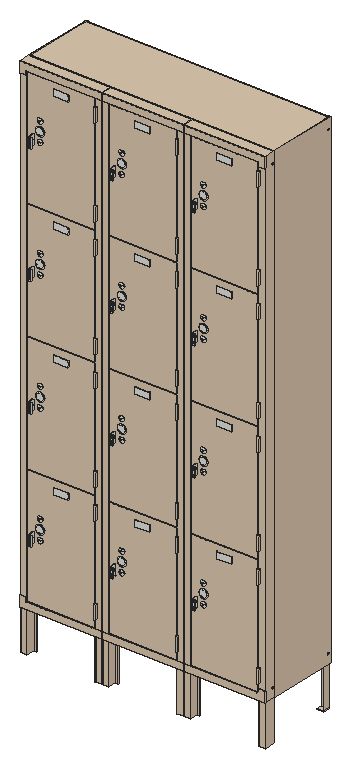
Revit family "Metal_Vented_Lockers-Salsbury_Industries-74000_Series-3_Wide_Units", category Specialty Equipment, Revit 2026 (continued)
Definition of nested family "Metal Locker Legs - 3 Wide"
  Types (6): name | Width | Visible | Type Comments | Description | Depth
    6" High - 45"W x 15"D | 45.040" | yes | "Standard Metal Locker Legs" | "45\"W x 6\" H x 15\"D" | 15.010"
    6" High - 45"W x 18"D | 45.040" | yes | "Standard Metal Locker Legs" | "45\"W x 6\" H x 18\"D" | 18.010"
    No Legs | 36.040" | no | "No Legs" | "" | 12.010"
  Reference planes (in)
    plane 1 "Center (Front/Back)": y = 0
    plane 2: z = 0
    plane 3 "Center (Left/Right)": x = 0
    plane 4 "Floor": z = 0
    plane 5 "Bottom of Unit": z = 6
    plane 6 "Left Side of Unit": x = -22.52
    plane 7 "Right Side of Unit": x = 22.52
    plane 8 "Back of Unit": y = 9.005
    plane 9 "Front of Unit": y = -9.005
    plane 10 "Right Side of Door Opening": x = 21.52
    plane 11 "Left Side of Door Opening": x = -21.52
    plane 12 "Top of back legs": z = 6.185
    plane 13 "Back Edge of Front Facing": y = -7.417
    plane 14 "Inside Edge of Front Leg": x = -21.08
    plane 15 "Inside Edge of Right Leg": x = 21.08
    plane 16: y = -7.82
    plane 17 "Back Edge of Rear Legs": y = 8.895
    plane 18 "Right Edge of Rear Right Leg": x = 22.4
    plane 19 "Left Edge or Rear Left Leg": x = -22.4
    plane 20: y = 7.895
    plane 21 "Inside Edge or Rear Right Leg": x = 21.4
    plane 22 "Inside Edge or Left Rear Leg": x = -21.4
    plane 23: x = 7.50667
    plane 24: x = -7.50667
  Forms (in)
    Extrusion 1, solid, material <- "Primary Structure Material", visible <- "Visible"
      sketch origin (0, 0, 0) x (0, -1, 0) y (1, 0, 0)
        loop
          line (7.417, 22.52) -> (7.417, 22.46) -> (8.945, 22.46) -> (8.945, 21.58) -> (7.76, 21.58) -> (7.76, 21.08) -> (7.82, 21.08) -> (7.82, 21.52) -> (9.005, 21.52) -> (9.005, 22.52) -> (7.417, 22.52)
      from 0 to 6
    Extrusion 2, solid, material <- "Primary Structure Material", visible <- "Visible"
      sketch origin (0, 0, 0) x (0, -1, 0) y (1, 0, 0)
        loop
          line (7.417, -22.52) -> (9.005, -22.52) -> (9.005, -21.52) -> (7.82, -21.52) -> (7.82, -21.08) -> (7.76, -21.08) -> (7.76, -21.58) -> (8.945, -21.58) -> (8.945, -22.46) -> (7.417, -22.46) -> (7.417, -22.52)
      from 0 to 6
    Extrusion 3, solid, material <- "Primary Structure Material", visible <- "Visible"
      sketch origin (0, 0, 0) x (0, -1, 0) y (1, 0, 0)
        loop
          line (-8.895, 22.4) -> (-8.895, 21.4) -> (-8.835, 21.4) -> (-8.835, 22.34) -> (-7.895, 22.34) -> (-7.895, 22.4) -> (-8.895, 22.4)
      from 0.06 to 6.185
    Extrusion 4, solid, material <- "Primary Structure Material", visible <- "Visible"
      sketch origin (0, 0, 0) x (0, -1, 0) y (1, 0, 0)
        loop
          line (-8.895, 22.4) -> (-8.895, 21.4) -> (-7.895, 21.4) -> (-7.895, 22.4) -> (-8.895, 22.4)
      from 0 to 0.06
    Extrusion 5, solid, material <- "Primary Structure Material", visible <- "Visible"
      sketch origin (0, 0, 0) x (0, -1, 0) y (1, 0, 0)
        loop
          line (-8.895, -22.4) -> (-7.895, -22.4) -> (-7.895, -22.34) -> (-8.835, -22.34) -> (-8.835, -21.4) -> (-8.895, -21.4) -> (-8.895, -22.4)
      from 0.06 to 6.185
    Extrusion 6, solid, material <- "Primary Structure Material", visible <- "Visible"
      sketch origin (0, 0, 0) x (0, -1, 0) y (1, 0, 0)
        loop
          line (-8.895, -22.4) -> (-7.895, -22.4) -> (-7.895, -21.4) -> (-8.895, -21.4) -> (-8.895, -22.4)
      from 0 to 0.06
    Extrusion 7, solid, material <- "Primary Structure Material", visible <- "Visible"
      sketch origin (12, 0, 0) x (0, -1, 0) y (1, 0, 0)
        loop
          line (7.417, -19.50667) -> (9.005, -19.50667) -> (9.005, -18.50667) -> (7.82, -18.50667) -> (7.82, -18.06667) -> (7.76, -18.06667) -> (7.76, -18.56667) -> (8.945, -18.56667) -> (8.945, -19.44667) -> (7.417, -19.44667) -> (7.417, -19.50667)
      from 0 to 6
    Extrusion 8, solid, material <- "Primary Structure Material", visible <- "Visible"
      sketch origin (24.04, 0, 0) x (0, -1, 0) y (1, 0, 0)
        loop
          line (7.417, -16.53333) -> (9.005, -16.53333) -> (9.005, -15.53333) -> (7.82, -15.53333) -> (7.82, -15.09333) -> (7.76, -15.09333) -> (7.76, -15.59333) -> (8.945, -15.59333) -> (8.945, -16.47333) -> (7.417, -16.47333) -> (7.417, -16.53333)
      from 0 to 6
    Extrusion 9, solid, material <- "Primary Structure Material", visible <- "Visible"
      sketch origin (-12, 0, 0) x (0, -1, 0) y (1, 0, 0)
        loop
          line (7.417, 19.50667) -> (7.417, 19.44667) -> (8.945, 19.44667) -> (8.945, 18.56667) -> (7.76, 18.56667) -> (7.76, 18.06667) -> (7.82, 18.06667) -> (7.82, 18.50667) -> (9.005, 18.50667) -> (9.005, 19.50667) -> (7.417, 19.50667)
      from 0 to 6
    Extrusion 10, solid, material <- "Primary Structure Material", visible <- "Visible"
      sketch origin (-24.04, 0, 0) x (0, -1, 0) y (1, 0, 0)
        loop
          line (7.417, 16.53333) -> (7.417, 16.47333) -> (8.945, 16.47333) -> (8.945, 15.59333) -> (7.76, 15.59333) -> (7.76, 15.09333) -> (7.82, 15.09333) -> (7.82, 15.53333) -> (9.005, 15.53333) -> (9.005, 16.53333) -> (7.417, 16.53333)
      from 0 to 6
  Dimensions and locks (in)
    equal spacing: plane 6 "Left Side of Unit", plane 3 "Center (Left/Right)", plane 7 "Right Side of Unit"
    "Width": plane 6 "Left Side of Unit" to plane 7 "Right Side of Unit"
    "Height": plane 5 "Bottom of Unit" to plane 4 "Floor"
    equal spacing: plane 9 "Front of Unit", plane 1 "Center (Front/Back)", plane 8 "Back of Unit"
    "Depth": plane 9 "Front of Unit" to plane 8 "Back of Unit"
    plane 12 "Top of back legs" to plane 5 "Bottom of Unit" = 0.185"
    plane 6 "Left Side of Unit" to plane 11 "Left Side of Door Opening" = 1.000"
    plane 10 "Right Side of Door Opening" to plane 7 "Right Side of Unit" = 1.000"
    locked: plane 9 "Front of Unit" to plane 13 "Back Edge of Front Facing" at 1.588
    plane 11 "Left Side of Door Opening" to plane 14 "Inside Edge of Front Leg" = 0.440"
    plane 15 "Inside Edge of Right Leg" to plane 10 "Right Side of Door Opening" = 0.440"
    plane 9 "Front of Unit" to plane 16 = 1.185"
    plane 15 "Inside Edge of Right Leg" to plane 21 "Inside Edge or Rear Right Leg" to plane 10 "Right Side of Door Opening" to plane 18 "Right Edge of Rear Right Leg" to plane 7 "Right Side of Unit" = 0.320", 0.120", 0.880", 0.120"
    plane 6 "Left Side of Unit" to plane 19 "Left Edge or Rear Left Leg" to plane 11 "Left Side of Door Opening" to plane 22 "Inside Edge or Left Rear Leg" to plane 14 "Inside Edge of Front Leg" = 0.120", 0.880", 0.120", 0.320"
    plane 20 to plane 17 "Back Edge of Rear Legs" to plane 8 "Back of Unit" = 1.000", 0.110"
    equal spacing: plane 6 "Left Side of Unit", plane 24, plane 23, plane 7 "Right Side of Unit"
    aligned and locked: level to plane 2
    aligned and locked: Extrusion 3 to Extrusion 4
    aligned and locked: Extrusion 6 to Extrusion 5
    aligned and locked: Extrusion 3 to plane 18 "Right Edge of Rear Right Leg"
    aligned and locked: Extrusion 3 to plane 17 "Back Edge of Rear Legs"
    aligned and locked: Extrusion 5 to plane 19 "Left Edge or Rear Left Leg"
    aligned and locked: plane 17 "Back Edge of Rear Legs" to Extrusion 5
    aligned and locked: plane 5 "Bottom of Unit" to Extrusion 2
    aligned and locked: Extrusion 1 to plane 5 "Bottom of Unit"
    aligned and locked: Extrusion 3 to plane 12 "Top of back legs"
    aligned and locked: plane 12 "Top of back legs" to Extrusion 5
  Automatic sketch dimensions
    plane 13 "Back Edge of Front Facing" to Extrusion 1 sketch curve = 0.000"
    Extrusion 1 sketch curve to plane 15 "Inside Edge of Right Leg" = 0.000"
    plane 16 to Extrusion 1 sketch curve = 0.000"
    Extrusion 1 sketch curve to plane 7 "Right Side of Unit" = 0.000"
    plane 9 "Front of Unit" to Extrusion 1 sketch curve = 0.000"
    Extrusion 1 sketch curve to plane 10 "Right Side of Door Opening" = 0.000"
    Extrusion 1 sketch curve to plane 16 = 0.060"
    Extrusion 1 sketch curve to plane 9 "Front of Unit" = 0.060"
    Extrusion 1 sketch curve to plane 10 "Right Side of Door Opening" = 0.060"
    plane 7 "Right Side of Unit" to Extrusion 1 sketch curve = 0.060"
    Extrusion 2 sketch curve to plane 13 "Back Edge of Front Facing" = 0.000"
    Extrusion 2 sketch curve to plane 14 "Inside Edge of Front Leg" = 0.000"
    Extrusion 2 sketch curve to plane 16 = 0.000"
    Extrusion 2 sketch curve to plane 6 "Left Side of Unit" = 0.000"
    Extrusion 2 sketch curve to plane 9 "Front of Unit" = 0.000"
    Extrusion 2 sketch curve to plane 11 "Left Side of Door Opening" = 0.000"
    plane 16 to Extrusion 2 sketch curve = 0.060"
    plane 9 "Front of Unit" to Extrusion 2 sketch curve = 0.060"
    Extrusion 2 sketch curve to plane 11 "Left Side of Door Opening" = 0.060"
    plane 6 "Left Side of Unit" to Extrusion 2 sketch curve = 0.060"
    plane 17 "Back Edge of Rear Legs" to Extrusion 3 sketch curve = 0.000"
    Extrusion 3 sketch curve to plane 21 "Inside Edge or Rear Right Leg" = 0.000"
    Extrusion 3 sketch curve to plane 18 "Right Edge of Rear Right Leg" = 0.000"
    plane 20 to Extrusion 3 sketch curve = 0.000"
    plane 17 "Back Edge of Rear Legs" to Extrusion 3 sketch curve = 0.060"
    plane 18 "Right Edge of Rear Right Leg" to Extrusion 3 sketch curve = 0.060"
    plane 17 "Back Edge of Rear Legs" to Extrusion 4 sketch curve = 0.000"
    Extrusion 4 sketch curve to plane 18 "Right Edge of Rear Right Leg" = 0.000"
    plane 20 to Extrusion 4 sketch curve = 0.000"
    Extrusion 4 sketch curve to plane 21 "Inside Edge or Rear Right Leg" = 0.000"
    Extrusion 5 sketch curve to plane 17 "Back Edge of Rear Legs" = 0.000"
    Extrusion 5 sketch curve to plane 22 "Inside Edge or Left Rear Leg" = 0.000"
    Extrusion 5 sketch curve to plane 19 "Left Edge or Rear Left Leg" = 0.000"
    Extrusion 5 sketch curve to plane 20 = 0.000"
    Extrusion 5 sketch curve to plane 17 "Back Edge of Rear Legs" = 0.060"
    Extrusion 5 sketch curve to plane 19 "Left Edge or Rear Left Leg" = 0.060"
    Extrusion 6 sketch curve to plane 17 "Back Edge of Rear Legs" = 0.000"
    Extrusion 6 sketch curve to plane 19 "Left Edge or Rear Left Leg" = 0.000"
    Extrusion 6 sketch curve to plane 20 = 0.000"
    Extrusion 6 sketch curve to plane 22 "Inside Edge or Left Rear Leg" = 0.000"
    plane 13 "Back Edge of Front Facing" to Extrusion 7 sketch curve = 0.000"
    plane 16 to Extrusion 7 sketch curve = 0.000"
    plane 9 "Front of Unit" to Extrusion 7 sketch curve = 0.000"
    Extrusion 7 sketch curve to plane 24 = 0.000"
    plane 16 to Extrusion 7 sketch curve = 0.060"
    plane 9 "Front of Unit" to Extrusion 7 sketch curve = 0.060"
    plane 24 to Extrusion 7 sketch curve = 0.060"
    plane 24 to Extrusion 7 sketch curve = 0.940"
    Extrusion 7 sketch curve to Extrusion 7 sketch curve = 0.060"
    Extrusion 7 sketch curve to Extrusion 7 sketch curve = 0.440"
    plane 13 "Back Edge of Front Facing" to Extrusion 8 sketch curve = 0.000"
    plane 16 to Extrusion 8 sketch curve = 0.000"
    plane 9 "Front of Unit" to Extrusion 8 sketch curve = 0.000"
    Extrusion 8 sketch curve to plane 23 = 0.000"
    plane 16 to Extrusion 8 sketch curve = 0.060"
    plane 9 "Front of Unit" to Extrusion 8 sketch curve = 0.060"
    plane 23 to Extrusion 8 sketch curve = 0.060"
    plane 23 to Extrusion 8 sketch curve = 0.940"
    Extrusion 8 sketch curve to Extrusion 8 sketch curve = 0.060"
    Extrusion 8 sketch curve to Extrusion 8 sketch curve = 0.440"
    plane 13 "Back Edge of Front Facing" to Extrusion 9 sketch curve = 0.000"
    plane 16 to Extrusion 9 sketch curve = 0.000"
    plane 9 "Front of Unit" to Extrusion 9 sketch curve = 0.000"
    Extrusion 9 sketch curve to plane 23 = 0.000"
    Extrusion 9 sketch curve to plane 16 = 0.060"
    Extrusion 9 sketch curve to plane 9 "Front of Unit" = 0.060"
    plane 23 to Extrusion 9 sketch curve = 0.060"
    plane 23 to Extrusion 9 sketch curve = 0.940"
    Extrusion 9 sketch curve to Extrusion 9 sketch curve = 0.060"
    Extrusion 9 sketch curve to Extrusion 9 sketch curve = 0.440"
    plane 13 "Back Edge of Front Facing" to Extrusion 10 sketch curve = 0.000"
    plane 16 to Extrusion 10 sketch curve = 0.000"
    plane 9 "Front of Unit" to Extrusion 10 sketch curve = 0.000"
    Extrusion 10 sketch curve to plane 24 = 0.000"
    Extrusion 10 sketch curve to plane 16 = 0.060"
    Extrusion 10 sketch curve to plane 9 "Front of Unit" = 0.060"
    plane 24 to Extrusion 10 sketch curve = 0.060"
    plane 24 to Extrusion 10 sketch curve = 0.940"
    Extrusion 10 sketch curve to Extrusion 10 sketch curve = 0.060"
    Extrusion 10 sketch curve to Extrusion 10 sketch curve = 0.440"
Definition of nested family "Vented Metal Locker Doors-12 inch with Latch Hasps"
  Parameters (values of type "Four Tier Door - 6 foot")
    Width = 9.901"
    Visible = yes
    Vent Array Spacing = 1.187"
    Vent Array 2 = if(Height = 17.360", 10, if(Height = 14.360", 8, if(Height = 11.532", 6, if(Height = 11.463", 6, 0))))  # 10
    Vent Array 1 = Vent Array 2  # 10
    Primary Structure Material = none
    Louver Set Vertical Alignment = 5.710"
    Number Plate Alignment = 0.9375"
    Louver Width = 4.000"
    Hinge 2 Placement = 14.142"
    Hinge 1 Placement = 1.125"
    Height = 17.360"
    Hasp Plate Rivet Material = none
    Hasp Height = 1.438"
    First Vent Placement = 2.875"
    Depth = 0.900"
    Default Elevation = 0.000"
  Types (4): name | Vent Array 2 | Vent Array 1 | Louver Set Vertical Alignment | Hinge 2 Placement | Height | First Vent Placement
    Six Tier Door - 6 foot | 6 | 6 | 2.731" | 8.449" | 11.532" | 2.3925"
    Five Tier Door - 5 foot | 6 | 6 | 2.826" | 8.188" | 11.463" | 2.3925"
    Four Tier Door - 6 foot | 10 | 10 | 5.710" | 14.142" | 17.360" | 2.875"
    Four Tier Door - 5 foot | 8 | 8 | 4.240" | 11.142" | 14.360" | 2.625"
  Reference planes (in)
    plane 1 "Center (Front/Back)": y = 0
    plane 2 "Bottom of Door": z = 0
    plane 3 "Center (Left/Right)": x = 0
    plane 4 "Center (Top/Bottom)": z = 8.68
    plane 5 "Top of Door": z = 17.36
    plane 6 "Right Side of Door": x = 4.9505
    plane 7 "Left Side of Door": x = -4.9505
    plane 8 "Front of Door": y = -0.45
    plane 9 "Back of Door": y = 0.45
    plane 10 "Top of Number Plate": z = 16.4225
    plane 11 "Top of Hasp Alignment": z = 9.399
    plane 12 "Bottom of Hasp Alignment": z = 7.961
    plane 13 "Left Side of Louvers": x = -2
    plane 14 "Right Side of Louvers": x = 2
    plane 15 "Front of Louvers": y = -0.6375
    plane 16: x = -1.094
    plane 17: x = 1.094
    plane 18: z = 15.4225
    plane 19 "Center Hasp": x = -1.7755
    plane 20 "Top of Hinge 2": z = 3.218
    plane 21 "Top of Hinge 1": z = 16.235
    plane 22 "Left Hasp Hole Align": x = -4.263
    plane 23 "Right Hasp Hole Align": x = -4.013
    plane 24 "Center Hasp Stud Align": z = 10.09841
    plane 25 "Top Hasp Stud Align": z = 11.51682
    plane 26 "Vertical Hasp Stud Align": x = -3.076
    plane 27 "Vertical Center Hasp Align": x = -4.13777
    plane 28: z = 2.875
    plane 29: z = 3.46558
    plane 30: z = 4.062
    plane 31: z = 4.65258
  Forms (in)
    Extrusion 1, solid, material <- "Primary Structure Material", visible <- "Visible"
      sketch origin (0, 0, 0) x (1, 0, 0) y (0, 0, 1)
        loop
          line (-4.9505, 17.36) -> (-4.9505, 0) -> (4.9505, 0) -> (4.9505, 17.36) -> (-4.9505, 17.36)
      from -0.45 to 0.45
    Extrusion 2, solid, material <- "Hasp Plate Rivet Material", visible <- "Visible", detail levels medium+fine
      sketch origin (0, -0.45, 0) x (1, 0, 0) y (0, 0, 1)
        loop
          arc (-1.06847, 16.38695) -> (-1.10166, 15.92421) -> (-1.06847, 15.46147) r 3.2426
          arc (-1.06847, 15.46147) -> (0, 15.42272) -> (1.06847, 15.46147) r 14.75
          arc (1.06847, 15.46147) -> (1.10166, 15.92421) -> (1.06847, 16.38695) r 3.2426
          arc (1.06847, 16.38695) -> (0, 16.41487) -> (-1.06847, 16.38695) r 20.45441
      from 0 to 0.03497
    Extrusion 3, void
      sketch origin (-1.7755, -0.13281, 0.04687) x (0, 0, -1) y (0, -1, 0)
        loop
          circle (-8.35677, -0.16411) r 0.2
      from -0.163 to 0.163
    Extrusion 4, solid, material <- "Primary Structure Material", visible <- "Visible", detail levels medium+fine
      sketch origin (0, 0, 16.235) x (0, -1, 0) y (1, 0, 0)
        loop
          line (0.45, 4.9505) -> (0.575, 4.9505)
          arc (0.575, 4.9505) -> (0.7, 5.0755) -> (0.575, 5.2005) r 0.125
          line (0.575, 5.2005) -> (0.45, 5.2005) -> (0.45, 4.9505)
      from 0 to -2
    Extrusion 5, solid, material <- "Primary Structure Material", visible <- "Visible", detail levels medium+fine
      sketch origin (0, 0, 3.218) x (0, -1, 0) y (1, 0, 0)
        loop
          line (0.45, 4.9505) -> (0.575, 4.9505)
          arc (0.575, 4.9505) -> (0.7, 5.0755) -> (0.575, 5.2005) r 0.125
          line (0.575, 5.2005) -> (0.45, 5.2005) -> (0.45, 4.9505)
      from 0 to -2
    Extrusion 6, void
      sketch origin (0, -0.45, 0) x (1, 0, 0) y (0, 0, 1)
        loop
          line (-4.263, 9.399) -> (-4.263, 7.961) -> (-4.013, 7.961) -> (-4.013, 9.399) -> (-4.263, 9.399)
      from -0.9 to 0
    Blend 7, solid, material <- "Hasp Plate Rivet Material", visible <- "Visible", detail levels fine
      base sketch origin (0, -0.45, 0) x (1, 0, 0) y (0, 0, 1)
        loop
          circle (-3.076, 8.68) r 0.375
      top sketch origin (0, -0.45, 0) x (1, 0, 0) y (0, 0, 1)
        loop
          circle (-3.076, 8.68) r 0.09706
      from 0 to 0.03497
    Blend 8, solid, material <- "Hasp Plate Rivet Material", visible <- "Visible", detail levels fine
      base sketch origin (0, -0.45, 2.83682) x (1, 0, 0) y (0, 0, 1)
        loop
          circle (-3.076, 8.68) r 0.375
      top sketch origin (0, -0.45, 2.83682) x (1, 0, 0) y (0, 0, 1)
        loop
          circle (-3.076, 8.68) r 0.09706
      from 0 to 0.03497
    Blend 9, solid, material <- "Hasp Plate Rivet Material", visible <- "Visible", detail levels fine
      base sketch origin (0, -0.45, -0.16841) x (1, 0, 0) y (0, 0, 1)
        loop
          circle (-3.076, 10.26682) r 0.625
      top sketch origin (0, -0.45, -0.16841) x (1, 0, 0) y (0, 0, 1)
        loop
          circle (-3.076, 10.26682) r 0.58088
      from 0 to 0.03497
    Extrusion 10, solid, material <- "Hasp Plate Rivet Material", visible <- "Visible", detail levels fine
      sketch origin (0, 0, 7.961) x (0, -1, 0) y (1, 0, 0)
        loop
          line (-0.45, -4.07527) -> (-0.45, -4.13777) -> (1.2, -4.13777)
          arc (1.2, -4.13777) -> (1.24419, -4.11946) -> (1.2625, -4.07527) r 0.0625
          line (1.2625, -4.07527) -> (1.2625, -3.76277) -> (1.20579, -3.76277) -> (1.20579, -4.0127)
          arc (1.20579, -4.0127) -> (1.18746, -4.05694) -> (1.14322, -4.07527) r 0.06257
          line (1.14322, -4.07527) -> (-0.45, -4.07527)
      from 0 to 1.438
    Extrusion 11, solid, material <- "Hasp Plate Rivet Material", visible <- "Visible", detail levels fine
      sketch origin (0, 0, 7.961) x (0, -1, 0) y (1, 0, 0)
        loop
          line (-0.45, -4.20027) -> (1.2625, -4.20027) -> (1.2625, -4.13777) -> (-0.45, -4.13777) -> (-0.45, -4.20027)
      from 0 to 1.438
    Extrusion 12, void
      sketch origin (-4.013, 0, 0) x (0, 0, -1) y (0, -1, 0)
        loop
          circle (-8.68, 0.82219) r 0.375
      from 0 to 0.25
  Cuts and joins
    Extrusion 3, Extrusion 6 cuts Extrusion 1
    Extrusion 12 cuts Extrusion 10
    Extrusion 12 cuts Extrusion 11
  Lines and regions (in)
    symbolic lines
      curve 1: line (-4.20027, -0.44719, 7.961) -> (-4.20027, -1.2625, 7.961)
      curve 2: line (-4.20027, -1.2625, 7.961) -> (-4.13777, -1.2625, 7.961)
      curve 3: line (-4.13777, -1.2625, 7.961) -> (-4.13777, -0.45, 7.961)
      curve 4: line (-4.07527, -0.44719, 7.961) -> (-4.07527, -1.14322, 7.961)
      curve 5: line (-4.0127, -1.20579, 7.961) -> (-3.76277, -1.20579, 7.961)
      curve 6: line (-3.76277, -1.20579, 7.961) -> (-3.76277, -1.2625, 7.961)
      curve 7: line (-3.76277, -1.2625, 7.961) -> (-4.07527, -1.2625, 7.961)
      curve 8: arc (-4.07527, -1.14322, 7.961) -> (-4.05694, -1.18746, 7.961) -> (-4.0127, -1.20579, 7.961) r 0.06257
      curve 9: arc (-4.07527, -1.2625, 7.961) -> (-4.11946, -1.24419, 7.961) -> (-4.13777, -1.2, 7.961) r 0.0625
      curve 10: line (-4.013, -0.45, 9.40058) -> (-4.013, -1.26256, 9.40058)
      curve 11: line (-4.013, -1.26256, 9.40058) -> (-4.013, -1.26256, 7.9612)
      curve 12: line (-4.013, -1.26256, 7.9612) -> (-4.013, -0.45309, 7.9612)
      curve 13: line (-4.263, -0.45, 9.399) -> (-4.20027, -0.45, 9.399)
      curve 14: line (-4.263, -0.45, 7.961) -> (-4.263, -0.45, 9.399)
      curve 15: line (-4.20027, -0.45, 7.961) -> (-4.263, -0.45, 7.961)
      curve 16: line (-4.20027, -0.45, 9.399) -> (-4.20027, -0.45, 7.961)
      curve 17: line (-4.20027, -0.45, 9.399) -> (-3.76277, -0.45, 9.399)
      curve 18: line (-4.20027, -0.45, 7.961) -> (-3.76277, -0.45, 7.961)
      curve 19: line (-3.76277, -0.45, 9.399) -> (-3.76277, -0.45, 7.961)
      curve 20: circle (-3.076, -0.45, 11.51682) r 0.371 normal (0, -1, 0)
      curve 21: circle (-3.076, -0.45, 8.68) r 0.375 normal (0, -1, 0)
      curve 22: circle (-3.076, -0.45, 10.09841) r 0.62368 normal (0, -1, 0)
      curve 23: line (-4.9505, -0.45, 17.36) -> (4.9505, -0.45, 17.36)
      curve 24: line (-4.9505, -0.45, 0) -> (-4.9505, -0.45, 17.36)
      curve 25: line (4.9505, -0.45, 0) -> (-4.9505, -0.45, 0)
      curve 26: line (4.9505, -0.45, 17.36) -> (4.9505, -0.45, 0)
  Dimensions and locks (in)
    equal spacing: plane 5 "Top of Door", plane 4 "Center (Top/Bottom)", plane 2 "Bottom of Door"
    "Height": plane 5 "Top of Door" to plane 2 "Bottom of Door"
    equal spacing: plane 8 "Front of Door", plane 1 "Center (Front/Back)", plane 9 "Back of Door"
    "Depth": plane 8 "Front of Door" to plane 9 "Back of Door"
    equal spacing: plane 7 "Left Side of Door", plane 3 "Center (Left/Right)", plane 6 "Right Side of Door"
    "Width": plane 7 "Left Side of Door" to plane 6 "Right Side of Door"
    "Number Plate Alignment": plane 5 "Top of Door" to plane 10 "Top of Number Plate" to plane 18
    equal spacing: plane 13 "Left Side of Louvers", plane 3 "Center (Left/Right)", plane 14 "Right Side of Louvers"
    "Louver Width": plane 13 "Left Side of Louvers" to plane 14 "Right Side of Louvers"
    plane 25 "Top Hasp Stud Align" to plane 24 "Center Hasp Stud Align" to plane 11 "Top of Hasp Alignment" to plane 4 "Center (Top/Bottom)" to plane 12 "Bottom of Hasp Alignment" = 1.41841", 0.69941", 0.719", 0.719"
    "Hasp Height": plane 11 "Top of Hasp Alignment" to plane 12 "Bottom of Hasp Alignment"
    locked: plane 15 "Front of Louvers" to plane 8 "Front of Door" at 0.1875
    plane 16 to plane 3 "Center (Left/Right)" to plane 17 = 1.094" locked, 1.094" locked
    "Hinge 1 Placement": plane 5 "Top of Door" to plane 21 "Top of Hinge 1"
    "Hinge 2 Placement": plane 5 "Top of Door" to plane 20 "Top of Hinge 2"
    plane 7 "Left Side of Door" to plane 22 "Left Hasp Hole Align" to plane 23 "Right Hasp Hole Align" to plane 26 "Vertical Hasp Stud Align" = 0.6875" locked, 0.250" locked, 0.937" locked
    equal spacing: group 1, group 2, group 3, group 4, group 5, group 6, group 13, group 14, group 15, group 16  (x3)
    equal spacing: group 7, group 8, group 9, group 10, group 11, group 12, group 17, group 18, group 19, group 20  (x3)
    "Vent Array Spacing": plane 30 to plane 28
    "First Vent Placement": plane 28 to plane 2 "Bottom of Door"
    "Vent Array Spacing": plane 31 to plane 29
    locked: plane 29 to plane 28 at 0.59058
    aligned and locked: level to plane 2 "Bottom of Door"
    aligned and locked: plane 5 "Top of Door" to Extrusion 1 sketch curve
    aligned and locked: Extrusion 1 sketch curve to plane 7 "Left Side of Door"
    aligned and locked: plane 2 "Bottom of Door" to Extrusion 1 sketch curve
    aligned and locked: plane 6 "Right Side of Door" to Extrusion 1 sketch curve
    aligned and locked: plane 11 "Top of Hasp Alignment" to Extrusion 6 sketch curve
    aligned and locked: Extrusion 6 sketch curve to plane 22 "Left Hasp Hole Align"
    aligned and locked: Extrusion 6 sketch curve to plane 12 "Bottom of Hasp Alignment"
    aligned and locked: plane 23 "Right Hasp Hole Align" to Extrusion 6 sketch curve
    aligned and locked: plane 25 "Top Hasp Stud Align" to Blend 8 sketch curve  (x2)
    aligned and locked: plane 4 "Center (Top/Bottom)" to Blend 7 sketch curve  (x2)
    aligned and locked: plane 24 "Center Hasp Stud Align" to Blend 9 sketch curve  (x2)
    aligned and locked: plane 27 "Vertical Center Hasp Align" to Extrusion 11 sketch curve
    aligned and locked: plane 27 "Vertical Center Hasp Align" to Extrusion 10 sketch curve
    aligned and locked: plane 4 "Center (Top/Bottom)" to Extrusion 12 sketch curve
    aligned and locked: plane 3 "Center (Left/Right)" to nested 1
    aligned and locked: plane 28 to nested 2
    aligned and locked: plane 29 to nested 1
    aligned and locked: plane 30 to nested 3
    aligned and locked: plane 31 to nested 8
    aligned and locked: curve 1 to cut or joined group of Extrusion 11, Extrusion 12
    aligned and locked: curve 2 to cut or joined group of Extrusion 11, Extrusion 12
    aligned and locked: curve 3 to cut or joined group of Extrusion 11, Extrusion 12
    aligned and locked: cut or joined group of Extrusion 10, Extrusion 12 to curve 4
    aligned and locked: curve 5 to cut or joined group of Extrusion 10, Extrusion 12
    aligned and locked: curve 6 to cut or joined group of Extrusion 10, Extrusion 12
    aligned and locked: curve 7 to cut or joined group of Extrusion 10, Extrusion 12
    aligned and locked: curve 10 to nested 12  (x2)
    aligned and locked: curve 13 to cut or joined group of Extrusion 1, Extrusion 3, Extrusion 6
    aligned and locked: curve 14 to cut or joined group of Extrusion 1, Extrusion 3, Extrusion 6
    aligned and locked: cut or joined group of Extrusion 11, Extrusion 12 to curve 15
    aligned and locked: curve 16 to cut or joined group of Extrusion 11, Extrusion 12
    aligned and locked: curve 13 to curve 17
    aligned and locked: curve 19 to cut or joined group of Extrusion 10, Extrusion 12
    aligned and locked: curve 23 to cut or joined group of Extrusion 1, Extrusion 3, Extrusion 6
    aligned and locked: curve 25 to cut or joined group of Extrusion 1, Extrusion 3, Extrusion 6
    aligned and locked: curve 26 to cut or joined group of Extrusion 1, Extrusion 3, Extrusion 6
  Automatic sketch dimensions
    Extrusion 2 sketch curve to plane 3 "Center (Left/Right)" = 0.000"  (x2)
    plane 13 "Left Side of Louvers" to Extrusion 2 sketch curve = 0.14094"
    Extrusion 2 sketch curve to plane 14 "Right Side of Louvers" = 0.14094"
    Extrusion 2 sketch curve to level = 4.03954"
    plane 21 "Top of Hinge 1" to Extrusion 2 sketch curve = 0.31079"  (x2)
    Extrusion 2 sketch curve to plane 5 "Top of Door" = 12.81272"
    Extrusion 2 sketch curve to plane 16 = 0.02553"  (x2)
    plane 17 to Extrusion 2 sketch curve = 0.02553"
    Extrusion 2 sketch curve to plane 18 = 0.03897"
    Extrusion 3 sketch curve to plane 1 "Center (Front/Back)" = 0.0313"
    Extrusion 4 sketch curve to plane 6 "Right Side of Door" = 0.000"
    plane 8 "Front of Door" to Extrusion 4 sketch curve = 0.000"
    Extrusion 4 sketch curve to plane 15 "Front of Louvers" = 0.0625"
    Extrusion 4 sketch curve to plane 6 "Right Side of Door" = 0.125"
    Extrusion 5 sketch curve to plane 6 "Right Side of Door" = 0.000"
    plane 8 "Front of Door" to Extrusion 5 sketch curve = 0.000"
    Extrusion 5 sketch curve to plane 15 "Front of Louvers" = 0.0625"
    Extrusion 5 sketch curve to plane 6 "Right Side of Door" = 0.125"
    plane 26 "Vertical Hasp Stud Align" to Blend 7 sketch curve = 0.000"  (x2)
    plane 26 "Vertical Hasp Stud Align" to Blend 8 sketch curve = 0.000"  (x2)
    plane 26 "Vertical Hasp Stud Align" to Blend 9 sketch curve = 0.000"  (x2)
    Extrusion 10 sketch curve to plane 1 "Center (Front/Back)" = 0.450"
    plane 23 "Right Hasp Hole Align" to Extrusion 10 sketch curve = 0.06227"
    Extrusion 10 sketch curve to plane 23 "Right Hasp Hole Align" = 0.0003"
    plane 15 "Front of Louvers" to Extrusion 10 sketch curve = 0.50572"
    Extrusion 10 sketch curve to Extrusion 10 sketch curve = 0.05678"
    Extrusion 10 sketch curve to Extrusion 10 sketch curve = 0.24993"
    plane 9 "Back of Door" to Extrusion 11 sketch curve = 0.000"
    plane 15 "Front of Louvers" to Extrusion 11 sketch curve = 0.625"
    Extrusion 11 sketch curve to plane 22 "Left Hasp Hole Align" = 0.06273"
    Extrusion 10 sketch curve to Extrusion 10 sketch curve = 0.06257"
    plane 15 "Front of Louvers" to Extrusion 12 sketch curve = 0.18469"
    plane 4 "Center (Top/Bottom)" to Extrusion 3 sketch curve = 0.27635"
    plane 8 "Front of Door" to curve 3 = 0.000"
    curve 8 to plane 23 "Right Hasp Hole Align" = 0.0003"
    curve 9 to curve 4 = 0.000"
    curve 1 to plane 8 "Front of Door" = 0.00281"
    curve 4 to plane 8 "Front of Door" = 0.00281"
    plane 15 "Front of Louvers" to curve 11 = 0.62506"
    curve 12 to plane 12 "Bottom of Hasp Alignment" = 0.0002"
    plane 8 "Front of Door" to curve 12 = 0.00309"
    plane 7 "Left Side of Door" to curve 24 = 0.000"
    curve 22 to plane 24 "Center Hasp Stud Align" = 0.000"
    plane 26 "Vertical Hasp Stud Align" to curve 22 = 0.000"
    curve 21 to plane 4 "Center (Top/Bottom)" = 0.000"
    plane 26 "Vertical Hasp Stud Align" to curve 21 = 0.000"
    curve 20 to plane 25 "Top Hasp Stud Align" = 0.000"
    plane 26 "Vertical Hasp Stud Align" to curve 20 = 0.000"
    radius of Extrusion 3 sketch curve = 0.200"
    radius of Blend 7 sketch curve = 0.375"
    radius of Blend 7 sketch curve = 0.09706"
    radius of Blend 8 sketch curve = 0.375"
    radius of Blend 8 sketch curve = 0.09706"
    radius of Blend 9 sketch curve = 0.625"
    radius of Blend 9 sketch curve = 0.58088"
    radius of Extrusion 12 sketch curve = 0.375"
    radius of curve 20 = 0.371"
    radius of curve 21 = 0.375"
    radius of curve 22 = 0.62368"
  Nested families (in)
    nested 1: "Vents - Horizontal 3" at (0, -0.45, -61.80738), type "Vents - Horizontal 3"
    nested 2: "Vents - Horizontal 2" at (2.6043, -0.45, -60.66388), type "Vents - Horizontal 2"
    nested 3: "Vents - Horizontal 2" at (2.6043, -0.45, -59.47688), type "Vents - Horizontal 2"
    nested 4: "Vents - Horizontal 2" at (2.6043, -0.45, -58.28988), type "Vents - Horizontal 2"
    nested 5: "Vents - Horizontal 2" at (2.6043, -0.45, -57.10288), type "Vents - Horizontal 2"
    nested 6: "Vents - Horizontal 2" at (2.6043, -0.45, -55.91588), type "Vents - Horizontal 2"
    nested 7: "Vents - Horizontal 2" at (2.6043, -0.45, -54.72888), type "Vents - Horizontal 2"
    nested 8: "Vents - Horizontal 3" at (0, -0.45, -60.62038), type "Vents - Horizontal 3"
    nested 9: "Vents - Horizontal 3" at (0, -0.45, -59.43338), type "Vents - Horizontal 3"
    nested 10: "Vents - Horizontal 3" at (0, -0.45, -58.24638), type "Vents - Horizontal 3"
    nested 11: "Vents - Horizontal 3" at (0, -0.45, -57.05938), type "Vents - Horizontal 3"
    nested 12: "Vents - Horizontal 3" at (0, -0.45, -55.87238), type "Vents - Horizontal 3"
    nested 13: "Vents - Horizontal 2" at (2.6043, -0.45, -53.54188), type "Vents - Horizontal 2"
    nested 14: "Vents - Horizontal 2" at (2.6043, -0.45, -52.35488), type "Vents - Horizontal 2"
    nested 15: "Vents - Horizontal 2" at (2.6043, -0.45, -51.16788), type "Vents - Horizontal 2"
    nested 16: "Vents - Horizontal 2" at (2.6043, -0.45, -49.98088), type "Vents - Horizontal 2"
    nested 17: "Vents - Horizontal 3" at (0, -0.45, -54.68538), type "Vents - Horizontal 3"
    nested 18: "Vents - Horizontal 3" at (0, -0.45, -53.49838), type "Vents - Horizontal 3"
    nested 19: "Vents - Horizontal 3" at (0, -0.45, -52.31138), type "Vents - Horizontal 3"
    nested 20: "Vents - Horizontal 3" at (0, -0.45, -51.12438), type "Vents - Horizontal 3"
  Definition of nested family "Vents - Horizontal 3"
    Parameters (values of type "Vents - Horizontal 3")
      Default Elevation = 0.000"
    Reference planes (in)
      plane 1 "Center (Front/Back)": y = 0
      plane 2: z = 0
      plane 3 "Center (Left/Right)": x = 0
    Lines and regions (in)
      model lines
        curve 1: spline (1.08625, 0, 65.3981) -> (1.05712, 0, 65.3804) -> (1.03269, 0, 65.36106) -> (1.01334, 0, 65.34039) -> (0.99936, 0, 65.31871) -> (0.99096, 0, 65.29635) -> (0.98829, 0, 65.27365) -> (0.99137, 0, 65.25097) -> (1.00016, 0, 65.22864) -> (1.01452, 0, 65.20702) -> (1.03424, 0, 65.18644) -> (1.05902, 0, 65.16721) -> (1.08846, 0, 65.14963)
        curve 2: line (1.08625, 0, 65.3981) -> (1.73835, 0, 65.64972)
        curve 3: line (1.08846, 0, 65.14963) -> (1.73762, 0, 64.89923)
        curve 4: spline (2.39008, 0, 65.39825) -> (2.41937, 0, 65.38053) -> (2.44394, 0, 65.36117) -> (2.46341, 0, 65.34048) -> (2.47747, 0, 65.31876) -> (2.48591, 0, 65.29637) -> (2.4886, 0, 65.27363) -> (2.4855, 0, 65.25091) -> (2.47665, 0, 65.22855) -> (2.46219, 0, 65.2069) -> (2.44234, 0, 65.18629) -> (2.41742, 0, 65.16704) -> (2.3878, 0, 65.14945)
        curve 5: line (2.39008, 0, 65.39825) -> (1.73835, 0, 65.64972)
        curve 6: line (2.3878, 0, 65.14945) -> (1.73762, 0, 64.89923)
        curve 13: spline (-0.65075, 0, 65.3981) -> (-0.67988, 0, 65.3804) -> (-0.70431, 0, 65.36106) -> (-0.72366, 0, 65.34039) -> (-0.73764, 0, 65.31871) -> (-0.74604, 0, 65.29635) -> (-0.74871, 0, 65.27365) -> (-0.74563, 0, 65.25097) -> (-0.73684, 0, 65.22864) -> (-0.72248, 0, 65.20702) -> (-0.70276, 0, 65.18644) -> (-0.67798, 0, 65.16721) -> (-0.64854, 0, 65.14963)
        curve 14: line (-0.65075, 0, 65.3981) -> (0.00135, 0, 65.64972)
        curve 15: line (-0.64854, 0, 65.14963) -> (0.00062, 0, 64.89923)
        curve 16: spline (0.65308, 0, 65.39825) -> (0.68237, 0, 65.38053) -> (0.70694, 0, 65.36117) -> (0.72641, 0, 65.34048) -> (0.74047, 0, 65.31876) -> (0.74891, 0, 65.29637) -> (0.7516, 0, 65.27363) -> (0.7485, 0, 65.25091) -> (0.73965, 0, 65.22855) -> (0.72519, 0, 65.2069) -> (0.70534, 0, 65.18629) -> (0.68042, 0, 65.16704) -> (0.6508, 0, 65.14945)
        curve 17: line (0.65308, 0, 65.39825) -> (0.00135, 0, 65.64972)
        curve 18: line (0.6508, 0, 65.14945) -> (0.00062, 0, 64.89923)
        curve 19: spline (-2.38775, 0, 65.3981) -> (-2.41688, 0, 65.3804) -> (-2.44131, 0, 65.36106) -> (-2.46066, 0, 65.34039) -> (-2.47464, 0, 65.31871) -> (-2.48304, 0, 65.29635) -> (-2.48571, 0, 65.27365) -> (-2.48263, 0, 65.25097) -> (-2.47384, 0, 65.22864) -> (-2.45948, 0, 65.20702) -> (-2.43976, 0, 65.18644) -> (-2.41498, 0, 65.16721) -> (-2.38554, 0, 65.14963)
        curve 20: line (-2.38775, 0, 65.3981) -> (-1.73565, 0, 65.64972)
        curve 21: line (-2.38554, 0, 65.14963) -> (-1.73638, 0, 64.89923)
        curve 22: spline (-1.08392, 0, 65.39825) -> (-1.05463, 0, 65.38053) -> (-1.03006, 0, 65.36117) -> (-1.01059, 0, 65.34048) -> (-0.99653, 0, 65.31876) -> (-0.98809, 0, 65.29637) -> (-0.9854, 0, 65.27363) -> (-0.9885, 0, 65.25091) -> (-0.99735, 0, 65.22855) -> (-1.01181, 0, 65.2069) -> (-1.03166, 0, 65.18629) -> (-1.05658, 0, 65.16704) -> (-1.0862, 0, 65.14945)
        curve 23: line (-1.08392, 0, 65.39825) -> (-1.73565, 0, 65.64972)
        curve 24: line (-1.0862, 0, 65.14945) -> (-1.73638, 0, 64.89923)
      model lines, not visible
        curve 7: spline (6.02, -6.45464, 72.16015) -> (6.02, -6.43694, 72.13102) -> (6.02, -6.4176, 72.10659) -> (6.02, -6.39694, 72.08724) -> (6.02, -6.37525, 72.07326) -> (6.02, -6.35289, 72.06486) -> (6.02, -6.33019, 72.06219) -> (6.02, -6.30751, 72.06527) -> (6.02, -6.28518, 72.07406) -> (6.02, -6.26356, 72.08842) -> (6.02, -6.24298, 72.10814) -> (6.02, -6.22375, 72.13292) -> (6.02, -6.20617, 72.16236)
        curve 8: line (6.02, -6.45464, 72.16015) -> (6.02, -6.70626, 72.81225)
        curve 9: line (6.02, -6.20617, 72.16236) -> (6.02, -5.95577, 72.81152)
        curve 10: spline (6.02, -6.45479, 73.46398) -> (6.02, -6.43707, 73.49327) -> (6.02, -6.41771, 73.51784) -> (6.02, -6.39702, 73.53731) -> (6.02, -6.3753, 73.55137) -> (6.02, -6.35291, 73.55981) -> (6.02, -6.33017, 73.5625) -> (6.02, -6.30745, 73.5594) -> (6.02, -6.28509, 73.55055) -> (6.02, -6.26344, 73.53609) -> (6.02, -6.24283, 73.51624) -> (6.02, -6.22359, 73.49132) -> (6.02, -6.20599, 73.4617)
        curve 11: line (6.02, -6.45479, 73.46398) -> (6.02, -6.70626, 72.81225)
        curve 12: line (6.02, -6.20599, 73.4617) -> (6.02, -5.95577, 72.81152)
      reference lines
        curve 25: line (-2.54644, 0, 65.27296) -> (2.54933, 0, 65.27296)
    Dimensions and locks (in)
      equal spacing: group 4, group 3, group 2  (x2)
      equal spacing: group 2, group 3, group 4
      aligned and locked: level to plane 2
  Definition of nested family "Vents - Horizontal 2"
    Parameters (values of type "Vents - Horizontal 2")
      Default Elevation = 0.000"
    Reference planes (in)
      plane 1 "Center (Front/Back)": y = 0
      plane 2: z = 0
      plane 3 "Center (Left/Right)": x = 0
    Lines and regions (in)
      model lines
        curve 1: spline (-2.82036, 0, 63.41385) -> (-2.79123, 0, 63.43156) -> (-2.7668, 0, 63.45089) -> (-2.74745, 0, 63.47156) -> (-2.73347, 0, 63.49324) -> (-2.72507, 0, 63.5156) -> (-2.72239, 0, 63.5383) -> (-2.72547, 0, 63.56099) -> (-2.73427, 0, 63.58331) -> (-2.74863, 0, 63.60493) -> (-2.76835, 0, 63.62552) -> (-2.79312, 0, 63.64475) -> (-2.82257, 0, 63.66233)
        curve 2: line (-2.82036, 0, 63.41385) -> (-3.47246, 0, 63.16223)
        curve 3: line (-2.82257, 0, 63.66233) -> (-3.47173, 0, 63.91272)
        curve 4: spline (-4.12419, 0, 63.41371) -> (-4.15348, 0, 63.43143) -> (-4.17805, 0, 63.45078) -> (-4.19752, 0, 63.47148) -> (-4.21158, 0, 63.49319) -> (-4.22002, 0, 63.51559) -> (-4.22271, 0, 63.53832) -> (-4.21961, 0, 63.56104) -> (-4.21076, 0, 63.5834) -> (-4.1963, 0, 63.60505) -> (-4.17645, 0, 63.62566) -> (-4.15153, 0, 63.64491) -> (-4.12191, 0, 63.6625)
        curve 5: line (-4.12419, 0, 63.41371) -> (-3.47246, 0, 63.16223)
        curve 6: line (-4.12191, 0, 63.6625) -> (-3.47173, 0, 63.91272)
        curve 13: spline (-1.08336, 0, 63.41385) -> (-1.05423, 0, 63.43156) -> (-1.0298, 0, 63.45089) -> (-1.01045, 0, 63.47156) -> (-0.99647, 0, 63.49324) -> (-0.98807, 0, 63.5156) -> (-0.98539, 0, 63.5383) -> (-0.98847, 0, 63.56099) -> (-0.99727, 0, 63.58331) -> (-1.01163, 0, 63.60493) -> (-1.03135, 0, 63.62552) -> (-1.05612, 0, 63.64475) -> (-1.08557, 0, 63.66233)
        curve 14: line (-1.08336, 0, 63.41385) -> (-1.73546, 0, 63.16223)
        curve 15: line (-1.08557, 0, 63.66233) -> (-1.73473, 0, 63.91272)
        curve 16: spline (-2.38719, 0, 63.41371) -> (-2.41648, 0, 63.43143) -> (-2.44105, 0, 63.45078) -> (-2.46052, 0, 63.47148) -> (-2.47458, 0, 63.49319) -> (-2.48302, 0, 63.51559) -> (-2.48571, 0, 63.53832) -> (-2.48261, 0, 63.56104) -> (-2.47376, 0, 63.5834) -> (-2.4593, 0, 63.60505) -> (-2.43945, 0, 63.62566) -> (-2.41453, 0, 63.64491) -> (-2.38491, 0, 63.6625)
        curve 17: line (-2.38719, 0, 63.41371) -> (-1.73546, 0, 63.16223)
        curve 18: line (-2.38491, 0, 63.6625) -> (-1.73473, 0, 63.91272)
      model lines, not visible
        curve 7: spline (6.02, -6.45464, 72.16015) -> (6.02, -6.43694, 72.13102) -> (6.02, -6.4176, 72.10659) -> (6.02, -6.39694, 72.08724) -> (6.02, -6.37525, 72.07326) -> (6.02, -6.35289, 72.06486) -> (6.02, -6.33019, 72.06219) -> (6.02, -6.30751, 72.06527) -> (6.02, -6.28518, 72.07406) -> (6.02, -6.26356, 72.08842) -> (6.02, -6.24298, 72.10814) -> (6.02, -6.22375, 72.13292) -> (6.02, -6.20617, 72.16236)
        curve 8: line (6.02, -6.45464, 72.16015) -> (6.02, -6.70626, 72.81225)
        curve 9: line (6.02, -6.20617, 72.16236) -> (6.02, -5.95577, 72.81152)
        curve 10: spline (6.02, -6.45479, 73.46398) -> (6.02, -6.43707, 73.49327) -> (6.02, -6.41771, 73.51784) -> (6.02, -6.39702, 73.53731) -> (6.02, -6.3753, 73.55137) -> (6.02, -6.35291, 73.55981) -> (6.02, -6.33017, 73.5625) -> (6.02, -6.30745, 73.5594) -> (6.02, -6.28509, 73.55055) -> (6.02, -6.26344, 73.53609) -> (6.02, -6.24283, 73.51624) -> (6.02, -6.22359, 73.49132) -> (6.02, -6.20599, 73.4617)
        curve 11: line (6.02, -6.45479, 73.46398) -> (6.02, -6.70626, 72.81225)
        curve 12: line (6.02, -6.20599, 73.4617) -> (6.02, -5.95577, 72.81152)
      reference lines
        curve 19: line (-4.25866, 0, 63.53888) -> (-0.94723, 0, 63.53888)
    Dimensions and locks (in)
      group 2 to group 3 = 1.737"
      group 2 to group 3 = 0.000"  (x2)
      aligned and locked: level to plane 2
Definition of nested family "Metal Locker Front Base"
  Parameters (values of type "77742 - for 12" W Lockers with Legs")
    Width = 10.040"
    Visible [instance] = yes
    Version = "1.0 (11/30/15)"
    Type Comments = "Front Base for Standard Metal Lockers"
    Primary Structure Material = none
    Model = "77742"
    MasterFormat Title = ""
    MasterFormat Number = ""
    Manufacturer = "Salsbury Industries"
    Description = "Front Base for 12\" Wide Lockers"
    Depth = 1.185"
    Height = 6.000"
    Default Elevation = 0.000"
    Assembly Code = ""
  Types (3): name | Width | Visible | Model | Description
    77742 - for 12" W Lockers with Legs | 10.040" | yes | "77742" | "Front Base for 12\" Wide Lockers"
    77745 - for 15" W Lockers with Legs | 13.040" | yes | "77745" | "Front Base for 15\" Wide Lockers"
    None | 10.040" | no | "77742" | "Front Base for 12\" Wide Lockers"
  Reference planes (in)
    plane 1 "Center (Front/Back)": y = -5.417
    plane 2: z = 0
    plane 3 "Center (Left/Right)": x = 0
    plane 4 "Floor": z = 0
    plane 5 "Top of Enclosure": z = 6
    plane 6 "Front of Enclosure": y = -6.005
    plane 7 "Right Side of Enclosure": x = 5.02
    plane 8 "Left Side of Enclosure": x = -5.02
    plane 9 "Back of Enclosure": y = -4.82
  Forms (in)
    Extrusion 1, solid, material <- "Primary Structure Material", visible <- "Visible"
      sketch origin (0, -6.005, 0) x (1, 0, 0) y (0, 0, 1)
        loop
          line (-5.02, 6) -> (-5.02, 0) -> (5.02, 0) -> (5.02, 6) -> (-5.02, 6)
      from -0.06 to 0
    Extrusion 2, solid, material <- "Primary Structure Material", visible <- "Visible"
      sketch origin (0, 0, 0) x (0, 1, 0) y (0, 0, 1)
        loop
          line (-5.945, 6) -> (-5.945, 5.94) -> (-4.82, 5.94) -> (-4.82, 6) -> (-5.945, 6)
      from -5.02 to 5.02
    Extrusion 3, solid, material <- "Primary Structure Material", visible <- "Visible"
      sketch origin (5.02, 0, 0) x (0, 0, -1) y (0, -1, 0)
        loop
          line (-5.75, 5.945) -> (-5.75, 4.82) -> (-0.25, 4.82) -> (-0.25, 5.945) -> (-5.75, 5.945)
      from 0 to 0.06
    Extrusion 4, solid, material <- "Primary Structure Material", visible <- "Visible"
      sketch origin (-5.02, 0, 0) x (0, 0, -1) y (0, -1, 0)
        loop
          line (-5.75, 5.945) -> (-5.75, 4.82) -> (-0.25, 4.82) -> (-0.25, 5.945) -> (-5.75, 5.945)
      from 0 to -0.06
  Dimensions and locks (in)
    "Height": plane 5 "Top of Enclosure" to plane 4 "Floor"
    plane 6 "Front of Enclosure" to plane 1 "Center (Front/Back)" = 0.588"
    "Depth": plane 6 "Front of Enclosure" to plane 9 "Back of Enclosure"
    equal spacing: plane 8 "Left Side of Enclosure", plane 3 "Center (Left/Right)", plane 7 "Right Side of Enclosure"
    "Width": plane 8 "Left Side of Enclosure" to plane 7 "Right Side of Enclosure"
    aligned and locked: level to plane 2
    aligned and locked: plane 8 "Left Side of Enclosure" to Extrusion 2
    aligned and locked: Extrusion 2 to plane 7 "Right Side of Enclosure"
    aligned and locked: Extrusion 1 to plane 7 "Right Side of Enclosure"
  Automatic sketch dimensions
    Extrusion 1 sketch curve to Extrusion 1 sketch curve = 10.040"
    Extrusion 1 sketch curve to Extrusion 1 sketch curve = 6.000"
    Extrusion 2 sketch curve to Extrusion 2 sketch curve = 1.125"
    Extrusion 2 sketch curve to Extrusion 2 sketch curve = 0.060"
    Extrusion 3 sketch curve to Extrusion 3 sketch curve = 5.500"
    Extrusion 3 sketch curve to Extrusion 3 sketch curve = 1.125"
    Extrusion 4 sketch curve to Extrusion 4 sketch curve = 5.500"
    Extrusion 4 sketch curve to Extrusion 4 sketch curve = 1.125"
    Extrusion 1 sketch curve to level = 0.000"
    plane 8 "Left Side of Enclosure" to Extrusion 1 sketch curve = 0.000"
    plane 5 "Top of Enclosure" to Extrusion 2 sketch curve = 0.000"
    Extrusion 2 sketch curve to plane 9 "Back of Enclosure" = 0.000"
    Extrusion 3 sketch curve to plane 9 "Back of Enclosure" = 0.000"
    plane 5 "Top of Enclosure" to Extrusion 3 sketch curve = 0.250"
    Extrusion 4 sketch curve to plane 9 "Back of Enclosure" = 0.000"
    plane 5 "Top of Enclosure" to Extrusion 4 sketch curve = 0.250"
Definition of nested family "Metal Locker Right Side Base"
  Parameters (values of type "77732 Right - for 12" D Lockers with Legs")
    Width including Rivet [instance] = 1.290"
    Visible = yes
    Primary Structure Material = none
    Depth = 10.422"
    Version = "1.0 (11/30/15)"
    Type Comments = "End Base for Standard Metal Lockers"
    Model = "77732"
    MasterFormat Title = ""
    MasterFormat Number = ""
    Manufacturer = "Salsbury Industries"
    Description = "1.25\"W x 6\" H x 10\"D"
    Width = 1.250"
    Height = 6.000"
    Default Elevation = 0.000"
    Assembly Code = ""
  Types (4): name | Visible | Depth | Model | Description
    77732 Right - for 12" D Lockers with Legs | yes | 10.422" | "77732" | "1.25\"W x 6\" H x 10\"D"
    77735 Right - for 15" D Lockers with Legs | yes | 13.422" | "77735" | "1.25\"W x 6\" H x 13\"D"
    77738 Right - for 18" D Lockers with Legs | yes | 16.422" | "77738" | "1.25\"W x 6\" H x 16\"D"
    None | no | 10.422" | "" | ""
  Reference planes (in)
    plane 1 "Center (Front/Back)": y = 0
    plane 2: z = 0
    plane 3 "Center (Left/Right)": x = 5.395
    plane 4 "Floor": z = 0
    plane 5 "Top of Enclosure": z = 6
    plane 6 "Left Side of Unit": x = 4.77
    plane 7 "Right Side of Unit": x = 6.02
    plane 8 "Left Edge of Enclosure": y = -5.211
    plane 9 "Right Edge of Enclosure": y = 5.211
    plane 10 "Left Edge of Insert": y = -6.27647
    plane 11 "Right Edge of Insert": y = -5.15147
    plane 12 "Rivet Edge": x = 6.06
  Forms (in)
    Extrusion 1, solid, material <- "Primary Structure Material", visible <- "Visible"
      sketch origin (6.02, 0, 0) x (0, 0, -1) y (0, -1, 0)
        loop
          line (-6, 5.211) -> (-6, -5.211) -> (0, -5.211) -> (0, 5.211) -> (-6, 5.211)
      from 0 to 0.06
    Extrusion 2, solid, material <- "Primary Structure Material", visible <- "Visible"
      sketch origin (0, 0, 6) x (0, -1, 0) y (1, 0, 0)
        loop
          line (5.15147, 5.96) -> (5.15147, 5.9) -> (6.27647, 5.9) -> (6.27647, 5.96) -> (5.15147, 5.96)
      from -6 to 0
    Extrusion 3, solid, material <- "Primary Structure Material", visible <- "Visible"
      sketch origin (6.02, 0, 0) x (0, 0, -1) y (0, -1, 0)
        loop
          line (-6, 4.90147) -> (-6, -3.961) -> (-5.94, -3.961) -> (-5.94, 4.90147) -> (-6, 4.90147)
      from 0.06 to 1.25
    Extrusion 4, solid, material <- "Primary Structure Material", visible <- "Visible"
      sketch origin (6.02, 0, -5.94) x (0, 0, -1) y (0, -1, 0)
        loop
          line (-6, 4.90147) -> (-6, -3.961) -> (-5.94, -3.961) -> (-5.94, 4.90147) -> (-6, 4.90147)
      from 0.06 to 1.25
  Dimensions and locks (in)
    "Height": plane 5 "Top of Enclosure" to plane 4 "Floor"
    plane 10 "Left Edge of Insert" to plane 8 "Left Edge of Enclosure" to plane 11 "Right Edge of Insert" = 1.06547" locked, 0.05953" locked
    equal spacing: plane 8 "Left Edge of Enclosure", plane 1 "Center (Front/Back)", plane 9 "Right Edge of Enclosure"
    "Depth": plane 8 "Left Edge of Enclosure" to plane 9 "Right Edge of Enclosure"
    equal spacing: plane 6 "Left Side of Unit", plane 3 "Center (Left/Right)", plane 7 "Right Side of Unit"
    "Width": plane 6 "Left Side of Unit" to plane 7 "Right Side of Unit"
    locked: plane 7 "Right Side of Unit" to plane 12 "Rivet Edge" at 0.04
    "Width including Rivet": plane 6 "Left Side of Unit" to plane 12 "Rivet Edge"
    aligned and locked: level to plane 2
    aligned and locked: plane 11 "Right Edge of Insert" to Extrusion 2
    aligned and locked: plane 10 "Left Edge of Insert" to Extrusion 2
    aligned and locked: Extrusion 3 to Extrusion 1
    aligned and locked: plane 6 "Left Side of Unit" to Extrusion 3
  Automatic sketch dimensions
    plane 5 "Top of Enclosure" to Extrusion 1 sketch curve = 0.000"
    Extrusion 1 sketch curve to level = 0.000"
    Extrusion 2 sketch curve to plane 8 "Left Edge of Enclosure" = 0.05953"
    plane 7 "Right Side of Unit" to Extrusion 2 sketch curve = 0.120"
    Extrusion 2 sketch curve to Extrusion 2 sketch curve = 0.060"
    Extrusion 1 sketch curve to plane 8 "Left Edge of Enclosure" = 0.000"
    Extrusion 1 sketch curve to plane 9 "Right Edge of Enclosure" = 0.000"
    plane 10 "Left Edge of Insert" to Extrusion 2 sketch curve = 0.000"
    plane 5 "Top of Enclosure" to Extrusion 3 sketch curve = 0.000"
    Extrusion 3 sketch curve to Extrusion 3 sketch curve = 0.060"
    plane 9 "Right Edge of Enclosure" to Extrusion 3 sketch curve = 1.250"
    Extrusion 3 sketch curve to plane 11 "Right Edge of Insert" = 0.250"
    Extrusion 4 sketch curve to level = 0.000"
    level to Extrusion 4 sketch curve = 0.060"
    plane 9 "Right Edge of Enclosure" to Extrusion 4 sketch curve = 1.250"
    Extrusion 4 sketch curve to plane 11 "Right Edge of Insert" = 0.250"
Definition of nested family "Metal Locker Left Side Base"
  Parameters (values of type "77732 Left - for 12" D Lockers with Legs")
    Width including Rivet [instance] = 1.290"
    Visible = yes
    Primary Structure Material = none
    Depth = 10.422"
    Version = "1.0 (11/30/15)"
    Type Comments = "End Base for Standard Metal Lockers"
    Model = "77732"
    MasterFormat Title = ""
    MasterFormat Number = ""
    Manufacturer = "Salsbury Industries"
    Description = "1.25\"W x 6\" H x 10\"D"
    Width = 1.250"
    Height = 6.000"
    Default Elevation = 0.000"
    Assembly Code = ""
  Types (4): name | Visible | Depth | Model | Description
    77732 Left - for 12" D Lockers with Legs | yes | 10.422" | "77732" | "1.25\"W x 6\" H x 10\"D"
    77735 Left - for 15" D Lockers with Legs | yes | 13.422" | "77735" | "1.25\"W x 6\" H x 13\"D"
    77738 Left - for 18" D Lockers with Legs | yes | 16.422" | "77738" | "1.25\"W x 6\" H x 16\"D"
    None | no | 10.422" | "" | ""
  Reference planes (in)
    plane 1 "Center (Front/Back)": y = 0
    plane 2: z = 0
    plane 3 "Center (Left/Right)": x = 5.395
    plane 4 "Floor": z = 0
    plane 5 "Top of Enclosure": z = 6
    plane 6 "Left Side of Unit": x = 4.77
    plane 7 "Right Side of Unit": x = 6.02
    plane 8 "Left Edge of Enclosure": y = -5.211
    plane 9 "Right Edge of Enclosure": y = 5.211
    plane 10 "Left Edge of Insert": y = -6.27647
    plane 11 "Right Edge of Insert": y = -5.15147
    plane 12 "Edge of Rivet": x = 4.73
  Forms (in)
    Extrusion 1, solid, material <- "Primary Structure Material", visible <- "Visible"
      sketch origin (6.02, 0, 0) x (0, 0, -1) y (0, -1, 0)
        loop
          line (-6, 4.90147) -> (-6, -3.961) -> (-5.94, -3.961) -> (-5.94, 4.90147) -> (-6, 4.90147)
      from 0 to 1.19
    Extrusion 2, solid, material <- "Primary Structure Material", visible <- "Visible"
      sketch origin (6.02, 0, -5.94) x (0, 0, -1) y (0, -1, 0)
        loop
          line (-6, 4.90147) -> (-6, -3.961) -> (-5.94, -3.961) -> (-5.94, 4.90147) -> (-6, 4.90147)
      from 0 to 1.19
    Extrusion 3, solid, material <- "Primary Structure Material", visible <- "Visible"
      sketch origin (4.77, 0, 0) x (0, 0, -1) y (0, 1, 0)
        loop
          line (-6, -5.211) -> (0, -5.211) -> (0, 5.211) -> (-6, 5.211) -> (-6, -5.211)
      from 0 to 0.06
    Extrusion 4, solid, material <- "Primary Structure Material", visible <- "Visible"
      sketch origin (10.79, 0, 6) x (0, -1, 0) y (1, 0, 0)
        loop
          line (5.15147, -5.96) -> (6.27647, -5.96) -> (6.27647, -5.9) -> (5.15147, -5.9) -> (5.15147, -5.96)
      from -6 to 0
  Dimensions and locks (in)
    "Height": plane 5 "Top of Enclosure" to plane 4 "Floor"
    plane 10 "Left Edge of Insert" to plane 8 "Left Edge of Enclosure" to plane 11 "Right Edge of Insert" = 1.06547" locked, 0.05953" locked
    equal spacing: plane 8 "Left Edge of Enclosure", plane 1 "Center (Front/Back)", plane 9 "Right Edge of Enclosure"
    "Depth": plane 8 "Left Edge of Enclosure" to plane 9 "Right Edge of Enclosure"
    equal spacing: plane 6 "Left Side of Unit", plane 3 "Center (Left/Right)", plane 7 "Right Side of Unit"
    "Width": plane 6 "Left Side of Unit" to plane 7 "Right Side of Unit"
    "Width including Rivet": plane 12 "Edge of Rivet" to plane 7 "Right Side of Unit"
    plane 12 "Edge of Rivet" to plane 6 "Left Side of Unit" = 0.040"
    aligned and locked: level to plane 2
    aligned and locked: Extrusion 1 to Extrusion 3
    aligned and locked: Extrusion 2 to Extrusion 3
  Automatic sketch dimensions
    plane 5 "Top of Enclosure" to Extrusion 1 sketch curve = 0.000"
    Extrusion 1 sketch curve to Extrusion 1 sketch curve = 0.060"
    plane 9 "Right Edge of Enclosure" to Extrusion 1 sketch curve = 1.250"
    Extrusion 1 sketch curve to plane 11 "Right Edge of Insert" = 0.250"
    Extrusion 2 sketch curve to level = 0.000"
    level to Extrusion 2 sketch curve = 0.060"
    plane 9 "Right Edge of Enclosure" to Extrusion 2 sketch curve = 1.250"
    Extrusion 2 sketch curve to plane 11 "Right Edge of Insert" = 0.250"
    plane 5 "Top of Enclosure" to Extrusion 3 sketch curve = 0.000"
    Extrusion 3 sketch curve to level = 0.000"
    Extrusion 3 sketch curve to plane 8 "Left Edge of Enclosure" = 0.000"
    Extrusion 3 sketch curve to plane 9 "Right Edge of Enclosure" = 0.000"
    plane 11 "Right Edge of Insert" to Extrusion 4 sketch curve = 0.000"
    plane 10 "Left Edge of Insert" to Extrusion 4 sketch curve = 0.000"
    plane 6 "Left Side of Unit" to Extrusion 4 sketch curve = 0.120"
    Extrusion 4 sketch curve to Extrusion 4 sketch curve = 0.060"
Definition of nested family "Metal Locker Zee Base - 3 Wide"
  Parameters (values of type "77572- 36" W x 12" D")
    Width = 36.040"
    Visible = yes
    Version = "1.0 (11/30/15)"
    Type Comments = "Zee Base Kit for Standard Metal Lockers - No Legs"
    Primary Structure Material = none
    Model = "77572"
    MasterFormat Title = ""
    MasterFormat Number = ""
    Manufacturer = "Salsbury Industries"
    Description = "4\" H x 6' L - for 12\" Deep Lockers (Includes 6 Foot Front Base, 2 End Bases, Corner Splicer and 4 Rear Legs)"
    Depth = 12.010"
    Height = 4.000"
    Default Elevation = 0.000"
    Assembly Code = ""
  Types (6): name | Width | Visible | Model | Depth
    77572- 36" W x 12" D | 36.040" | yes | "77572" | 12.010"
    77575 - 36" W x 15" D | 36.040" | yes | "77575" | 15.010"
    77578 - 36"W x 18"D | 36.040" | yes | "77578" | 18.010"
    77575 - 45"W x 15"D | 45.040" | yes | "77575" | 15.010"
    77578 - 45"W x 18"D | 45.040" | yes | "77578" | 18.010"
    None | 36.040" | no | "77572" | 12.010"
  Reference planes (in)
    plane 1 "Center (Front/Back)": y = 0
    plane 2: z = 0
    plane 3 "Center (Left/Right)": x = 0
    plane 4 "Floor": z = 0
    plane 5 "Bottom of Unit": z = 4
    plane 6 "Left Side of Unit": x = -18.02
    plane 7 "Right Side of Unit": x = 18.02
    plane 8 "Back of Unit": y = 6.005
    plane 9 "Front of Unit": y = -6.005
    plane 10 "Right Side of Door Opening": x = 17.02
    plane 11 "Left Side of Door Opening": x = -17.02
    plane 12 "Top of back legs": z = 4.185
    plane 13 "Back Edge of Front Facing": y = -4.417
    plane 14 "Inside Edge of Front Leg": x = -16.58
    plane 15 "Inside Edge of Right Leg": x = 16.58
    plane 16: y = -4.82
    plane 17 "Back Edge of Rear Legs": y = 5.895
    plane 18 "Right Edge of Rear Right Leg": x = 17.9
    plane 19 "Left Edge or Rear Left Leg": x = -17.9
    plane 20: y = 4.895
    plane 21 "Inside Edge or Rear Right Leg": x = 16.9
    plane 22 "Inside Edge or Left Rear Leg": x = -16.9
  Forms (in)
    Extrusion 1, solid, material <- "Primary Structure Material", visible <- "Visible"
      sketch origin (0, 0, 0) x (0, -1, 0) y (1, 0, 0)
        loop
          line (-5.895, 17.9) -> (-5.895, 16.9) -> (-5.835, 16.9) -> (-5.835, 17.84) -> (-4.895, 17.84) -> (-4.895, 17.9) -> (-5.895, 17.9)
      from 0.06 to 4.185
    Extrusion 2, solid, material <- "Primary Structure Material", visible <- "Visible"
      sketch origin (0, 0, 0) x (0, -1, 0) y (1, 0, 0)
        loop
          line (-5.895, 17.9) -> (-5.895, 16.9) -> (-4.895, 16.9) -> (-4.895, 17.9) -> (-5.895, 17.9)
      from 0 to 0.06
    Extrusion 3, solid, material <- "Primary Structure Material", visible <- "Visible"
      sketch origin (0, 0, 0) x (0, -1, 0) y (1, 0, 0)
        loop
          line (-5.895, -17.9) -> (-4.895, -17.9) -> (-4.895, -17.84) -> (-5.835, -17.84) -> (-5.835, -16.9) -> (-5.895, -16.9) -> (-5.895, -17.9)
      from 0.06 to 4.185
